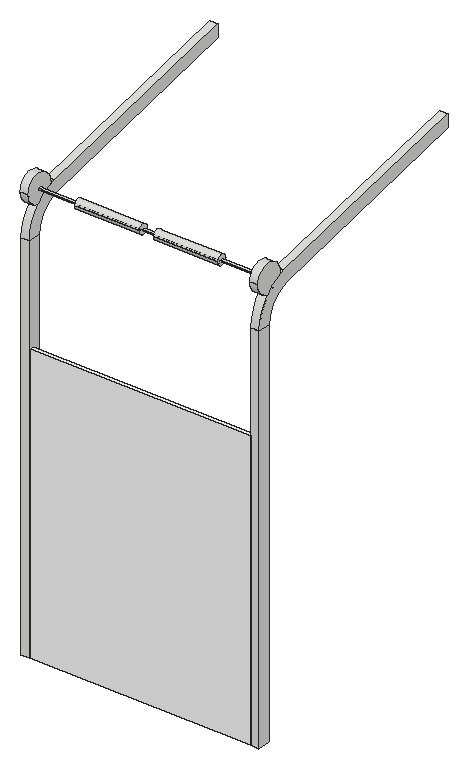
Revit family "Cruiserweight-HL-312P", category Generic Models, host Wall, Revit 2026
Family settings
  Host = Wall
  Can host rebar = No
  Round Connector Dimension = Use Diameter
  Part Type = Normal
  Always vertical = Yes
  Cut with Voids When Loaded = Yes
  Maintain Annotation Orientation = No
  Shared = No
  Room Calculation Point = No
Parameters (values of type "8' x 10'")
  VerticalTrack = TrackHeight - (1' 6")  # 13' - 6"
  Type Comments = "Insulated"  # constant formula
  TrackWidth = 0' - 3 1/2"
  TrackHeight = OpeningHeight + HeadRoom  # 15' - 0"
  TrackDepth = 0' - 5 3/8"
  PanelSize = 2' - 0"  # constant formula
  OpeningWidth = 8' - 0"
  OpeningHeight = 10' - 0"
  Model = "Cruiserweight"  # constant formula
  Manufacturer = "TKO"  # constant formula
  HorizTrack = OpeningHeight - HeadRoom + 2' 0"  # 7' - 0"
  HeadRoom = 5' - 0"  # constant formula
  DoorThk = 0' - 1 3/4"  # constant formula
  Description = "Sectional Door"  # constant formula
  Default Elevation = 0' - 0"
Types (16): name | VerticalTrack | TrackHeight | TrackDepth | OpeningWidth | OpeningHeight | HorizTrack
  (no name) | 13' - 6" | 15' - 0" | 0' - 5 3/8" | 8' - 0" | 10' - 0" | 7' - 0"
  8' x 10' | 13' - 6" | 15' - 0" | 0' - 5 3/8" | 8' - 0" | 10' - 0" | 7' - 0"
  9' x 10' | 13' - 6" | 15' - 0" | 0' - 5 3/8" | 9' - 0" | 10' - 0" | 7' - 0"
  10' x 10' | 13' - 6" | 15' - 0" | 0' - 5 3/8" | 10' - 0" | 10' - 0" | 7' - 0"
  10' x 11' | 14' - 6" | 16' - 0" | 0' - 5 5/8" | 10' - 0" | 11' - 0" | 8' - 0"
  9' x 11' | 14' - 6" | 16' - 0" | 0' - 5 3/8" | 9' - 0" | 11' - 0" | 8' - 0"
  8' x 11' | 14' - 6" | 16' - 0" | 0' - 5 3/8" | 8' - 0" | 11' - 0" | 8' - 0"
  10' x 12' | 15' - 6" | 17' - 0" | 0' - 5 3/8" | 10' - 0" | 12' - 0" | 9' - 0"
  8' x 12' | 15' - 6" | 17' - 0" | 0' - 5 3/8" | 8' - 0" | 12' - 0" | 9' - 0"
  9' x 12' | 15' - 6" | 17' - 0" | 0' - 5 3/8" | 9' - 0" | 12' - 0" | 9' - 0"
  10' x 8' | 11' - 6" | 13' - 0" | 0' - 5 3/8" | 10' - 0" | 8' - 0" | 5' - 0"
  10' x 9' | 12' - 6" | 14' - 0" | 0' - 5 3/8" | 10' - 0" | 9' - 0" | 6' - 0"
  8' x 9' | 12' - 6" | 14' - 0" | 0' - 5 3/8" | 8' - 0" | 9' - 0" | 6' - 0"
  8' x 8' | 11' - 6" | 13' - 0" | 0' - 5 3/8" | 8' - 0" | 8' - 0" | 5' - 0"
  9' x 9' | 12' - 6" | 14' - 0" | 0' - 5 3/8" | 9' - 0" | 9' - 0" | 6' - 0"
  9' x 8' | 12' - 6" | 14' - 0" | 0' - 5 3/8" | 9' - 0" | 9' - 0" | 6' - 0"
Reference planes (in)
  plane 1: y = 0
  plane 2 "Center (Left/Right)": x = 0
  plane 3 "Wall Edge": y = 3
  plane 4: x = -48
  plane 5: x = 48
  plane 6: z = 120
  plane 7: y = 3
  plane 8: y = 4.75
  plane 9: z = 24
  plane 10: z = 48
  plane 11: z = 72
  plane 12: x = -51.5
  plane 13: x = 51.5
  plane 14: y = 8.375
  plane 15: z = 180
  plane 16: z = 96
  plane 17: z = 120
  plane 18: x = -3
  plane 19: x = 3
  plane 20: x = 31
  plane 21: x = -31
  plane 22: z = 162
  plane 23: y = 21
  plane 24: y = 105
  plane 25: y = 12
Forms (in)
  Extrusion 1, void
    sketch origin (0, 3, 0) x (1, 0, 0) y (0, 0, 1)
      loop
        line (48, 120) -> (-48, 120) -> (-48, 0) -> (48, 0) -> (48, 120)
    from 0 to 6
  Extrusion 2, solid, material "DOOR PANEL"
    sketch origin (0, 0, 0) x (1, 0, 0) y (0, 1, 0)
      loop
        line (-48, 4.75) -> (-48, 3) -> (48, 3) -> (48, 4.75) -> (-48, 4.75)
    from 0 to 120
  Extrusion 3, solid, material "Steel"
    sketch origin (0, 0, 0) x (1, 0, 0) y (0, 1, 0)
      loop
        line (-51.5, 8.375) -> (-51.5, 3) -> (-48, 3) -> (-48, 8.375) -> (-51.5, 8.375)
      loop
        line (48, 8.375) -> (48, 3) -> (51.5, 3) -> (51.5, 8.375) -> (48, 8.375)
    from 0 to 162
  Extrusion 4, solid, material "Steel"
    sketch origin (0, 0, 0) x (0, 1, 0) y (0, 0, 1)
      loop
        circle (8.375, 180) r 6
    from 48 to 51.5
  Extrusion 5, solid, material "Steel"
    sketch origin (0, -25.36813, -5.48201) x (0, 1, 0) y (0, 0, -1)
      loop
        circle (33.74313, -185.48201) r 6
    from 48 to 51.5
  Extrusion 6, solid, material "Steel"
    sketch origin (0, 0, 0) x (0, 1, 0) y (0, 0, 1)
      loop
        circle (8.375, 180) r 0.5
    from -48 to 48
  Extrusion 7, solid, material "Steel"
    sketch origin (0, 0, 0) x (0, 1, 0) y (0, 0, 1)
      loop
        circle (8.375, 180) r 2
    from 3 to 31
  Extrusion 8, solid, material "Steel"
    sketch origin (0, 0, 0) x (0, 1, 0) y (0, 0, -1)
      loop
        circle (8.375, -180) r 2
    from 3 to 31
  Extrusion 9, solid, material "Steel"
    sketch origin (0, 0, 0) x (0, 1, 0) y (0, 0, 1)
      loop
        line (3, 162) -> (8.375, 162)
        arc (8.375, 162) -> (11.05136, 169.77273) -> (17.94574, 174.24998) r 12.625
        line (17.94574, 174.24998) -> (105, 195.95505) -> (105, 201.4946) -> (16.64541, 179.46532)
        arc (16.64541, 179.46532) -> (6.81581, 173.08191) -> (3, 162) r 18
    from 48 to 51.5
  Extrusion 10, solid, material "Steel"
    sketch origin (0, 0, 0) x (0, 1, 0) y (0, 0, -1)
      loop
        arc (3, -162) -> (6.81581, -173.08191) -> (16.64541, -179.46532) r 18
        line (16.64541, -179.46532) -> (105, -201.4946) -> (105, -195.95505) -> (17.94574, -174.24998)
        arc (17.94574, -174.24998) -> (11.05136, -169.77273) -> (8.375, -162) r 12.625
        line (8.375, -162) -> (3, -162)
    from 48 to 51.5
Cuts and joins
  joined: Extrusion 3, Extrusion 4, Extrusion 5
Lines and regions (in)
  model lines
    curve 1: line (48, 3, 24) -> (-48, 3, 24)
    curve 2: line (-48, 3, 48) -> (48, 3, 48)
    curve 3: line (48, 3, 72) -> (-48, 3, 72)
    curve 4: line (48, 3, 96) -> (-48, 3, 96)
    curve 5: line (48, 3, 120) -> (-48, 3, 120)
Text (in)
  text "Placement Side" at (0, 40.15149, 123.01588), in view "Right"
  text "Placement Side" at (-70.3804, 83.26548, 0), in view "Ref. Level"
  text "Placement Side" at (0, 81.62555, 140.59947), in view "Left"
Dimensions and locks (in)
  locked: plane 3 "Wall Edge" to host wall
  equal spacing: plane 5, plane 2 "Center (Left/Right)", plane 4
  "OpeningWidth": plane 5 to plane 4
  "DoorThk": plane 7 to plane 8
  "TrackDepth": plane 14 to plane 7
  "TrackWidth": plane 12 to plane 4
  "TrackWidth": plane 5 to plane 13
  "PanelSize": plane 9 to level
  equal spacing: plane 17, plane 16, plane 11, plane 10, plane 9, level
  "OpeningHeight": level to plane 6
  equal spacing: plane 18, plane 2 "Center (Left/Right)", plane 19, locked at 3 each
  locked: plane 21 to plane 18 at 28
  locked: plane 19 to plane 20 at 28
  "VerticalTrack": level to plane 22
  "HeadRoom": plane 6 to plane 15
  locked: plane 7 to plane 23 at 18
  "HorizTrack": plane 24 to plane 23
  locked: plane 7 to plane 25 at 9
  host wall to Extrusion 3 = 0' - 8 3/8"
  radius of Extrusion 4 sketch curve = 0' - 6"
  radius of Extrusion 5 sketch curve = 0' - 6"
  radius of Extrusion 6 sketch curve = 0' - 0 1/2"
  radius of Extrusion 7 sketch curve = 0' - 2"
  radius of Extrusion 8 sketch curve = 0' - 2"
  radius of Extrusion 9 sketch curve = 1' - 6"
  radius of Extrusion 9 sketch curve = 1' - 0 5/8"
  radius of Extrusion 10 sketch curve = 1' - 6"
  radius of Extrusion 10 sketch curve = 1' - 0 5/8"
  locked: plane 22 to Extrusion 9 sketch curve (angle 14.00°)  (x2)
  aligned and locked: host wall to plane 7
  aligned and locked: Extrusion 1 sketch curve to plane 5
  aligned and locked: Extrusion 1 sketch curve to plane 4
  aligned and locked: Extrusion 1 to plane 7
  aligned and locked: host wall to Extrusion 1
  aligned and locked: Extrusion 2 to plane 3 "Wall Edge"
  aligned and locked: plane 8 to Extrusion 2
  aligned and locked: Extrusion 2 to plane 6
  aligned and locked: Extrusion 3 sketch curve to plane 14  (x2)
  aligned and locked: Extrusion 3 sketch curve to plane 12
  aligned and locked: curve 1 to Extrusion 3 sketch curve
  aligned and locked: plane 5 to Extrusion 3 sketch curve
  aligned and locked: Extrusion 3 sketch curve to plane 7
  aligned and locked: Extrusion 3 sketch curve to plane 13
  aligned and locked: plane 15 to Extrusion 4 sketch curve
  aligned and locked: Extrusion 4 to plane 13
  aligned and locked: Extrusion 4 to plane 5
  aligned and locked: plane 4 to Extrusion 5
  aligned and locked: Extrusion 5 to plane 12
  aligned and locked: curve 2 to plane 10
  aligned and locked: curve 3 to plane 11
  aligned and locked: curve 1 to plane 9
  aligned and locked: plane 5 to Extrusion 6
  aligned and locked: Extrusion 6 to plane 4
  aligned and locked: cut or joined group of Extrusion 3, Extrusion 4, Extrusion 5 to level
  aligned and locked: Extrusion 2 to level
  aligned and locked: curve 4 to plane 16
  aligned and locked: curve 5 to plane 17
  aligned and locked: level to Extrusion 2
  aligned and locked: Extrusion 1 sketch curve to level
  aligned and locked: Extrusion 1 sketch curve to plane 6
  aligned and locked: plane 15 to Extrusion 7 sketch curve
  aligned and locked: plane 14 to Extrusion 7 sketch curve
  aligned and locked: Extrusion 7 to plane 20
  aligned and locked: plane 19 to Extrusion 7
  aligned and locked: Extrusion 8 to plane 18
  aligned and locked: plane 21 to Extrusion 8
  aligned and locked: plane 15 to Extrusion 8 sketch curve
  aligned and locked: Extrusion 8 sketch curve to plane 14
  aligned and locked: plane 22 to cut or joined group of Extrusion 3, Extrusion 4, Extrusion 5
  aligned and locked: plane 24 to Extrusion 9 sketch curve
  aligned and locked: plane 22 to Extrusion 9 sketch curve
  aligned and locked: plane 13 to Extrusion 9
  aligned and locked: Extrusion 9 to plane 5
  aligned and locked: Extrusion 10 to plane 12
  aligned and locked: plane 4 to Extrusion 10
  aligned and locked: plane 24 to Extrusion 10
  aligned and locked: Extrusion 10 to plane 22
  aligned and locked: Extrusion 9 to Extrusion 10  (x2)
  aligned and locked: Extrusion 9 to plane 22
  aligned and locked: plane 24 to Extrusion 9
  aligned and locked: Extrusion 10 sketch curve to Extrusion 9  (x2)
  aligned and locked: Extrusion 10 sketch curve to plane 24
  aligned and locked: Extrusion 10 sketch curve to plane 22
  aligned and locked: plane 15 to Extrusion 5 sketch curve
  aligned and locked: Extrusion 2 to cut or joined group of Extrusion 3, Extrusion 4, Extrusion 5
  aligned and locked: Extrusion 2 to plane 5
  aligned and locked: cut or joined group of Extrusion 3, Extrusion 4, Extrusion 5 to plane 4
Automatic sketch dimensions
  Extrusion 2 sketch curve to host wall = 0' - 0"
  plane 4 to Extrusion 2 sketch curve = 0' - 0"
  plane 5 to Extrusion 2 sketch curve = 0' - 0"
  Extrusion 2 sketch curve to plane 8 = 0' - 0"
  curve 3 to plane 4 = 0' - 0"
  curve 1 to plane 4 = 0' - 0"
  curve 2 to plane 4 = 0' - 0"
  curve 4 to plane 4 = 0' - 0"
  curve 5 to plane 4 = 0' - 0"
  curve 4 to plane 5 = 0' - 0"
  curve 2 to plane 5 = 0' - 0"
  curve 5 to plane 5 = 0' - 0"
  curve 1 to plane 5 = 0' - 0"
  curve 3 to plane 5 = 0' - 0"
  plane 4 to Extrusion 3 sketch curve = 0' - 0"
  Extrusion 3 sketch curve to plane 13 = 0' - 0"
  Extrusion 6 sketch curve to plane 15 = 0' - 0"
  Extrusion 9 sketch curve to Extrusion 9 sketch curve = 0' - 0"
  Extrusion 9 sketch curve to host wall = 0' - 0"
  Extrusion 9 sketch curve to plane 15 = 0' - 0.53468"
  Extrusion 9 sketch curve to plane 23 = 0' - 3.05426"
  Extrusion 10 sketch curve to plane 15 = 0' - 0.53468"
  Extrusion 10 sketch curve to plane 23 = 0' - 3.05426"
  Extrusion 5 sketch curve to plane 14 = 0' - 0"
  Extrusion 4 sketch curve to plane 14 = 0' - 0"
  Extrusion 6 sketch curve to plane 14 = 0' - 0"
